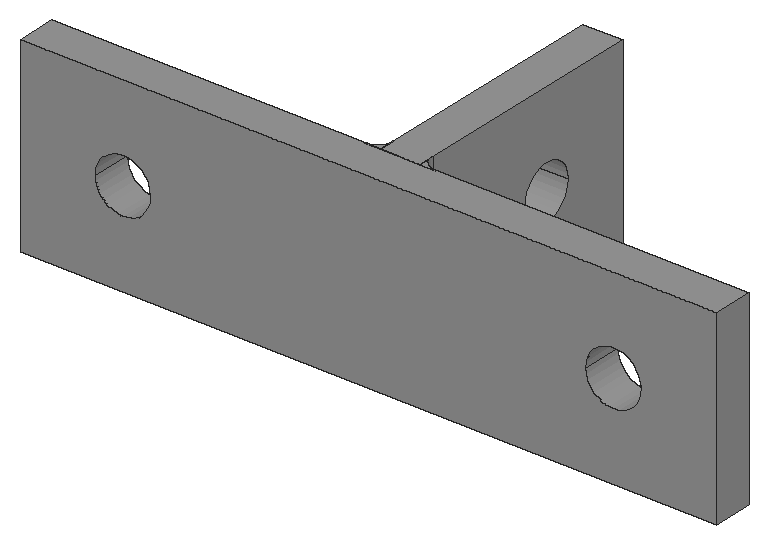
Revit family "BCA-K312(3)", category Site, Revit 2025
Family settings
  Round Connector Dimension = Use Diameter
  Part Type = Normal
  Work Plane-Based = No
  Always vertical = Yes
  Cut with Voids When Loaded = No
  Shared = No
Parameters (values of type "Postech-Vistech BCA-K312(3)")
  L/2 Plate-pile = 0' - 2 3/4"
  L PLate-C = 0' - 2"
  Dist Holes plate-pile = 0' - 0 13/16"
Reference planes (in)
  plane 1 "Center (Front/Back)": y = 0
  plane 2: z = 0
  plane 3 "Center (Left/Right)": x = 0
Forms (in)
  Extrusion 1, solid, material "Galvanized"
    sketch origin (0, 0, 0) x (1, 0, 0) y (0, 0, 1)
      loop
        line (2.75, 0) -> (2.75, 1.5) -> (-2.75, 1.5) -> (-2.75, 0) -> (2.75, 0)
      loop
        circle (-1.9375, 0.75) r 0.21875
      loop
        circle (1.9375, 0.75) r 0.21875
    from 0 to 0.3125
  Extrusion 2, solid, material "Galvanized"
    sketch origin (0, 0, 0) x (0, 1, 0) y (0, 0, 1)
      loop
        line (0, 1.5) -> (0, 0) -> (2, 0) -> (2, 1.5) -> (0, 1.5)
      loop
        circle (1.25, 0.75) r 0.21875
    from -0.15625 to 0.15625
  Sweep 3, solid, material "Galvanized"
    path in 3D
      loop
        line (0.15625, 0, 1.5) -> (0.15625, 0, 0)
    profile origin (0.15625, 0, 0.75) x (1, 0, 0) y (0, 1, 0)
      loop
        arc (0.125, 0) -> (0.03661, 0.03661) -> (0, 0.125) r 0.125
        line (0, 0.125) -> (0, 0) -> (0.125, 0)
  Sweep 4, solid, material "Galvanized"
    path in 3D
      loop
        line (-0.15625, 0, 1.5) -> (-0.15625, 0, 0)
    profile origin (-0.15625, 0, 0.75) x (-1, 0, 0) y (0, -1, 0)
      loop
        line (0.125, 0) -> (0, 0) -> (0, -0.125)
        arc (0, -0.125) -> (0.03661, -0.03661) -> (0.125, 0) r 0.125
Lines and regions (in)
  sketch lines
    curve 1: line (0.15625, 0, 1.5) -> (0.15625, 0, 0)
    curve 2: line (-0.15625, 0, 1.5) -> (-0.15625, 0, 0)
Dimensions and locks (in)
  "Dist Holes plate-pile": Extrusion 1 sketch curve to Extrusion 1 sketch curve  (x2)
  "L PLate-C": Extrusion 1 to Extrusion 2 sketch curve
  "L/2 Plate-pile": plane 3 "Center (Left/Right)" to Extrusion 1 sketch curve  (x2)
Automatic sketch dimensions
  Sweep 3 sketch curve to profile plane = 0' - 0"
  profile plane to Sweep 3 sketch curve = 0' - 0"
  profile plane to Sweep 3 sketch curve = 0' - 0 1/8"
  Sweep 4 sketch curve to profile plane = 0' - 0"  (x2)
  profile plane to Sweep 4 sketch curve = 0' - 0 1/8"
  Extrusion 1 sketch curve to level = 0' - 0"
  level to Extrusion 1 sketch curve = 0' - 0 3/4"  (x2)
  Extrusion 1 sketch curve to Extrusion 1 sketch curve = 0' - 0 3/4"
  Extrusion 2 sketch curve to plane 1 "Center (Front/Back)" = 0' - 0"
  Extrusion 2 sketch curve to level = 0' - 0"
  Extrusion 2 sketch curve to Extrusion 2 sketch curve = 0' - 0 3/4"  (x2)
  level to Extrusion 2 sketch curve = 0' - 0 3/4"
  radius of Extrusion 1 sketch curve = 0' - 0 7/32"  (x2)
  radius of Extrusion 2 sketch curve = 0' - 0 7/32"
